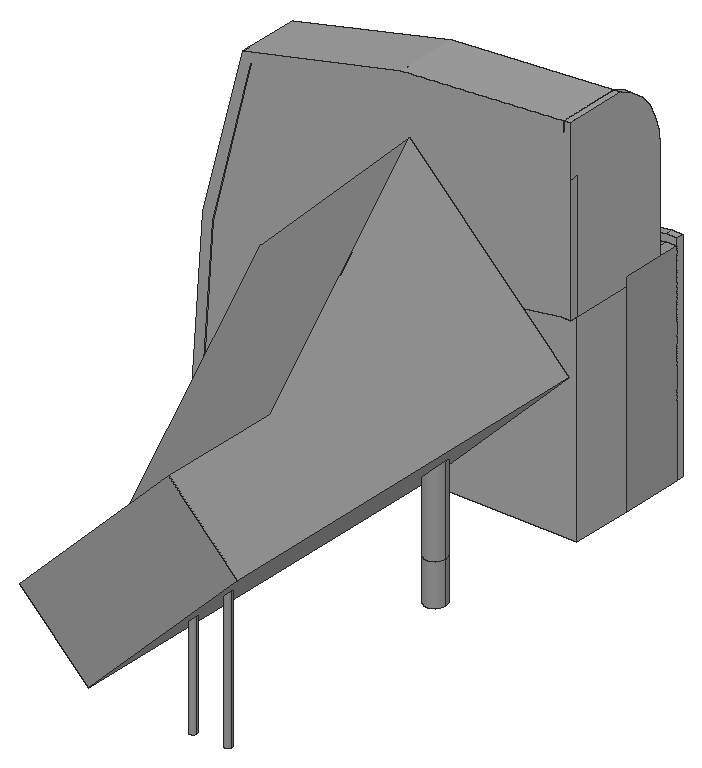
Revit family "Corner_Washfountain-Willoughby-WAF-2200", category Plumbing Fixtures, Revit 2015
Parameters (values of type "Standard")
  Waste DIA = 1 1/2"
  Waste Connection = yes
  Vent Connection = no
  URL = "https://www.willoughby-ind.com/wp-content/uploads/2018/01/WAF-2200.pdf"
  Solid Surface Sink = Solid Surface Acrylic Resin-Willoughby
  Revision = "A"
  Model = "WAF-2200"
  Manufacturer = "Willoughby-Inustries"
  LAV HW DIA = 1/2"
  LAV CW DIA = 1/2"
  HW Connection = yes
  Fixture Body = Stainless Steel AISI 304-Willoughby
  Description = "2 Station Corner Washstation, Floor Mounted"
  Default Elevation = 0' - 0"
  Ciontact = "(800) 428-4065"
  CW Connection = yes
Reference planes (in)
  plane 1 "Center (Front/Back) Floor HGT": y = 0
  plane 2: z = 0
  plane 3 "Center (Left/Right)": x = 0
  plane 4: x = -27
  plane 5: x = -15.5
  plane 6 "Sink HGT": y = 34
  plane 7 "Top Of Unit": y = 39.5
  plane 8: z = 27
  plane 9 "Pedestal": through (0, 0, 0) normal (0.7071, 0, 0.7071)
  plane 10: y = 36.5
  plane 11 "HW/CW Inlets": y = 4
  plane 12 "Waste": y = 24
Forms (in)
  Extrusion 1, solid, material "Solid Surface Acrylic Resin-Willoughby" <- "Solid Surface Sink"
    sketch origin (0, 39.5, 0) x (-1, 0, 0) y (0, 0, 1)
      loop
        line (0, 0) -> (15.5, 0) -> (15.5, 0.75) -> (13.76712, 13.08007)
        arc (13.76712, 13.08007) -> (13.62861, 13.36093) -> (13.35021, 13.50432) r 0.5
        line (13.35021, 13.50432) -> (0.75, 15.5) -> (0, 15.5) -> (0, 0)
    from 0 to -0.5
  Extrusion 2, solid, material "Stainless Steel AISI 304-Willoughby" <- "Fixture Body"
    sketch origin (0, 39.5, 0) x (-1, 0, 0) y (0, 0, 1)
      loop
        line (0, 0) -> (15, 0) -> (15, 0.75) -> (13.36472, 12.38565) -> (12.84918, 13.08368) -> (0.75, 15) -> (0, 15) -> (0, 0)
    from -0.5 to -4.99598
  Extrusion 3, solid, material "Solid Surface Acrylic Resin-Willoughby" <- "Solid Surface Sink"
    sketch origin (0, 0, 0) x (0, 1, 0) y (0, 0, 1)
      loop
        line (37.5, 14.39918) -> (37.5, 22)
        arc (37.5, 22) -> (36.53806, 25.05164) -> (34, 27) r 5.32143
        line (34, 27) -> (29.5, 27) -> (29.5, 14.39918) -> (37.5, 14.39918)
    from 0 to -0.5
  Extrusion 4, solid
    sketch origin (0, 0, 0) x (1, 0, 0) y (0, 1, 0)
      loop
        line (-14.5, 37.5) -> (-22.75, 37.5)
        arc (-22.75, 37.5) -> (-25.50284, 36.51238) -> (-27, 34) r 4.33036
        line (-27, 34) -> (-27, 29.5) -> (-14.5, 29.5) -> (-14.5, 37.5)
    from 0 to 0.5
  Extrusion 5, solid, material "Solid Surface Acrylic Resin-Willoughby" <- "Solid Surface Sink"
    sketch origin (0, 34, 0) x (-1, 0, 0) y (0, 0, 1)
      loop
        line (0.5, 27) -> (0.5, 26.24999)
        arc (0.5, 26.24999) -> (11.78278, 25.40383) -> (22.7888, 22.77993) r 71.15426
        arc (22.7888, 22.77993) -> (25.49234, 11.79112) -> (26.24985, 0.5) r 65.02709
        line (26.24985, 0.5) -> (27, 0.5)
        arc (27, 0.5) -> (26.20321, 12.09908) -> (23.37669, 23.37669) r 65.77709
        arc (23.37669, 23.37669) -> (12.0852, 26.11553) -> (0.5, 27) r 71.90426
    from 0 to -4.5
  Extrusion 6, solid, material "Stainless Steel AISI 304-Willoughby" <- "Fixture Body"
    sketch origin (0, 0, 0) x (0.707107, 0, -0.707107) y (0, 1, 0)
      loop
        line (-7.64394, 29.5) -> (-23.73379, 29.5) -> (-14.6066, 9) -> (-14.6066, 0) -> (-7.64394, 0) -> (-7.64394, 29.5)
    from 7.5 to -7.5
  Extrusion 7, solid, material "Solid Surface Acrylic Resin-Willoughby" <- "Solid Surface Sink"
    sketch origin (0, 34, 0) x (-1, 0, 0) y (0, 0, 1)
      loop
        line (0, 27) -> (0, 14.39918) -> (0.60082, 14.39918) -> (12.51255, 12.51255) -> (12.84918, 12.17591) -> (14.5, 0.42973) -> (14.5, 0) -> (27, 0) -> (27, 0.5)
        arc (27, 0.5) -> (26.20321, 12.09908) -> (23.37669, 23.37669) r 65.77709
        arc (23.37669, 23.37669) -> (12.08092, 26.08856) -> (0.5, 27) r 74.03052
        line (0.5, 27) -> (0, 27)
    from -3.92048 to -4.5
  Extrusion 8, solid, material "Solid Surface Acrylic Resin-Willoughby" <- "Solid Surface Sink"
    sketch origin (0, 34, 0) x (-1, 0, 0) y (0, 0, 1)
      loop
        line (0, 14.39918) -> (0, 0) -> (14.5, 0) -> (14.5, 0.42973) -> (12.84918, 12.17591) -> (12.39148, 12.63361) -> (0.60082, 14.39918) -> (0, 14.39918)
    from 0.50402 to -3.92048
  Revolve 9, solid, material "Stainless Steel AISI 304-Willoughby" <- "Fixture Body"
    sketch origin (0, 4, 0) x (0, 0, -1) y (-1, 0, 0)
      loop
        line (0, 4) -> (3, 4) -> (3, 4.25) -> (-8.14251, 4.25) -> (-8.14251, 4) -> (0, 4)
      axis (-8.14251, 4) -> (3, 4)
    angle from 0 to 360
  Revolve 10, solid, material "Stainless Steel AISI 304-Willoughby" <- "Fixture Body"
    sketch origin (0, 4, 0) x (0, 0, -1) y (-1, 0, 0)
      loop
        line (0, 6.5) -> (3, 6.5) -> (3, 6.75) -> (-4.59085, 6.75) -> (-4.59085, 6.5) -> (0, 6.5)
      axis (-4.59085, 6.5) -> (3, 6.5)
    angle from 0 to 360
  Revolve 11, solid, material "Stainless Steel AISI 304-Willoughby" <- "Fixture Body"
    sketch origin (0, 24, 0) x (0, 0, -1) y (-1, 0, 0)
      loop
        line (0, 6) -> (-6.25796, 6) -> (-6.25796, 5.25) -> (3, 5.25) -> (3, 6) -> (0, 6)
      axis (-6.25796, 5.25) -> (3, 5.25)
    angle from 0 to 360
Lines and regions (in)
  symbolic lines
    curve 1: line (0, 29.5, 0) -> (-27, 29.5, 0)
    curve 2: line (-27, 29.5, 0) -> (-27, 34, 0)
    curve 3: line (-27, 34, 0) -> (0, 34, 0)
    curve 4: line (-22.75, 37.5, 0) -> (-15, 37.5, 0)
    curve 5: arc (-22.75, 37.5, 0) -> (-25.50284, 36.51238, 0) -> (-27, 34, 0) r 4.33036
    curve 6: line (-15.5, 39.5, 0) -> (0, 39.5, 0)
    curve 7: line (0, 39.5, 0) -> (0, 39, 0)
    curve 8: line (0, 39, 0) -> (-15.5, 39, 0)
    curve 9: line (-15, 39, 0) -> (-15, 34.50402, 0)
    curve 10: line (-15, 34.50402, 0) -> (-0.60082, 34.50402, 0)
    curve 11: line (0, 37.5, 0) -> (-0.5, 37.5, 0)
    curve 12: line (-0.5, 37.5, 0) -> (-0.5, 29.5, 0)
    curve 13: line (-14.5, 34, 0) -> (-14.5, 34.50402, 0)
    curve 14: line (-22.08562, 29.5, 0) -> (-15.63173, 9, 0)
    curve 15: line (-15.63173, 9, 0) -> (-15.63173, 0, 0)
    curve 16: line (-15.63173, 0, 0) -> (-0.10178, 0, 0)
    curve 17: line (-0.10178, 0, 0) -> (-5.02513, 0, 0)
    curve 18: line (-5.02513, 9, 0) -> (-11.47902, 29.5, 0)
    curve 19: line (-5.02513, 9, 0) -> (-15.63173, 9, 0)
    curve 20: line (0, 29.5, 0) -> (0, 0, 0)
    curve 21: line (0, 34, 0) -> (0, 34, 27)
    curve 22: arc (0, 34, 27) -> (-11.83819, 34, 26.15512) -> (-23.37669, 34, 23.37669) r 71.98931
    curve 23: arc (-23.37669, 34, 23.37669) -> (-26.20321, 34, 12.09908) -> (-27, 34, 0.5) r 65.77709
    curve 24: line (-27, 34, 0.5) -> (-27, 34, 0)
    curve 25: line (-27, 34, 0) -> (0, 34, 0)
    curve 26: line (-15.5, 34, 0) -> (-15.5, 34, 0.375)
    curve 35: line (0, 0, 0.10178) -> (0, 29.5, 0.10178)
    curve 36: line (0, 29.5, 0.10178) -> (0, 29.5, 22.08562)
    curve 37: line (0, 29.5, 22.08562) -> (0, 9, 15.63173)
    curve 38: line (0, 9, 15.63173) -> (0, 0, 15.63173)
    curve 39: line (0, 0, 15.63173) -> (0, 0, 0.10178)
    curve 43: line (0, 29.5, 22.08562) -> (0, 29.5, 27.00079)
    curve 44: line (0, 29.5, 27.00079) -> (0, 34, 27.00079)
    curve 45: line (0, 34, 27.00079) -> (0, 34, 0.5)
    curve 46: line (0, 29.5, 0.10178) -> (0, 39.5, 0.10178)
    curve 49: arc (0, 34, 27.00079) -> (0, 36.53808, 25.05187) -> (0, 37.5, 21.99985) r 5.32277
    curve 50: line (0, 37.5, 21.99985) -> (0, 37.5, 15)
    curve 51: line (0, 39.5, 0.10178) -> (0, 39.5, 15.5)
    curve 52: line (0, 39.5, 15.5) -> (0, 39, 15.5)
    curve 53: line (0, 39, 15.5) -> (0, 39, 0.10178)
    curve 54: line (0, 39, 15) -> (0, 34.50402, 15)
    curve 55: line (0, 34.50402, 15) -> (0, 34.50402, 0.5)
  symbolic lines, detail levels medium+fine
    curve 27: line (-15.5, 34, 0.375) -> (-13.72554, 34, 13.00092)
    curve 28: line (-13.72554, 34, 13.00092) -> (-13.19804, 34, 13.52842)
    curve 29: line (-13.19804, 34, 13.52842) -> (-0.75, 34, 15.5)
    curve 30: line (-0.75, 34, 15.5) -> (0, 34, 15.5)
    curve 31: line (-0.5, 34, 15.5) -> (-0.5, 34, 27.0039)
    curve 32: arc (-0.5, 34, 26.24999) -> (-11.78278, 34, 25.40383) -> (-22.7888, 34, 22.77993) r 71.15426
    curve 33: arc (-22.7888, 34, 22.77993) -> (-25.49201, 34, 11.79329) -> (-26.24994, 34, 0.5044) r 65.02709
    curve 34: line (-15.48181, 34, 0.5044) -> (-26.98181, 34, 0.5044)
    curve 40: line (0, 0, 5.02513) -> (0, 9, 5.02513)
    curve 41: line (0, 9, 5.02513) -> (0, 9, 15.63173)
    curve 42: line (0, 9, 5.02513) -> (0, 29.5, 11.47902)
  symbolic lines, detail levels fine
    curve 47: line (0, 37.5, 0.10178) -> (0, 37.5, 0.5)
    curve 48: line (0, 37.5, 0.5) -> (0, 34, 0.5)
    curve 56: line (0, 34.50402, 14.39918) -> (0, 34, 14.39918)
Dimensions and locks (in)
  plane 10 to plane 1 "Center (Front/Back) Floor HGT" = 3' - 0 1/2"
  plane 7 "Top Of Unit" to plane 1 "Center (Front/Back) Floor HGT" = 3' - 3 1/2"
  aligned and locked: plane 3 "Center (Left/Right)" to Extrusion 1
  aligned and locked: Extrusion 1 to level
  aligned and locked: plane 7 "Top Of Unit" to Extrusion 1
  aligned and locked: plane 3 "Center (Left/Right)" to Extrusion 2
  aligned and locked: Extrusion 2 to level
  aligned and locked: Extrusion 6 sketch curve to Extrusion 3
  aligned and locked: plane 3 "Center (Left/Right)" to Extrusion 7
  aligned and locked: Extrusion 7 to Extrusion 3
  aligned and locked: Extrusion 7 to level
  aligned and locked: Extrusion 8 to Extrusion 2
  aligned and locked: Extrusion 8 to Extrusion 7
  aligned and locked: Extrusion 3 to Extrusion 7
  aligned and locked: Revolve 9 sketch curve to Revolve 9 sketch curve  (x2)
  aligned and locked: Revolve 10 sketch curve to Revolve 10 sketch curve  (x2)
  aligned and locked: Revolve 11 sketch curve to Revolve 11 sketch curve  (x2)
Connectors (in)
  piping at (-4, 4, -3), diameter 0.5, driven by "LAV CW DIA", driven by "CW Connection"
    settings: on Revolve 9, index 1, connector inside diameter 24", connector length 0' - 0", flow factor 0, pipe flow 0 GPM, pressure drop 0.00 psi, fitting loss kfactor 0, connector angle 0.00°, fixture units 0, engagement length 0' - 0", angle of deflection 0.00°, flow configuration 0, flow direction 1, fitting loss method 0, system type 20, joint type 0, gender type 0, connector reference index -1, connector utility 1, adjustable connector no, is connector primary yes, connector description "CW Inlet"
  piping at (-6.5, 4, -3), diameter 0.5, driven by "LAV CW DIA", driven by "HW Connection"
    settings: on Revolve 10, index 2, connector inside diameter 24", connector length 0' - 0", flow factor 0, pipe flow 0 GPM, pressure drop 0.00 psi, fitting loss kfactor 0, connector angle 0.00°, fixture units 0, engagement length 0' - 0", angle of deflection 0.00°, flow configuration 0, flow direction 1, fitting loss method 0, system type 19, joint type 0, gender type 0, connector reference index -1, connector utility 1, adjustable connector no, is connector primary no, connector description "HW Inlet"
  piping at (-5.25, 24, -3), diameter 1.5, driven by "Waste DIA", driven by "Waste Connection"
    settings: on Revolve 11, index 3, connector inside diameter 24", connector length 0' - 0", flow factor 0, pipe flow 0 GPM, pressure drop 0.00 psi, fitting loss kfactor 0, connector angle 0.00°, fixture units 0, engagement length 0' - 0", angle of deflection 0.00°, flow configuration 0, flow direction 2, fitting loss method 0, system type 16, joint type 0, gender type 0, connector reference index -1, connector utility 1, adjustable connector no, is connector primary no, connector description "Sink Waste"
